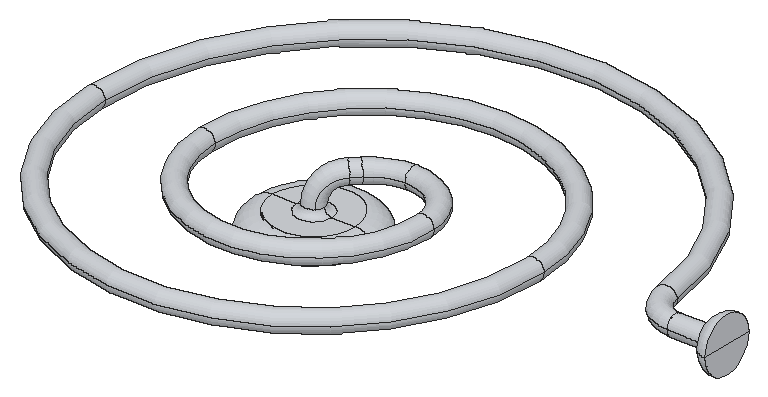
Revit family
Parameters
  Material = none
  Manufacturer = "Revit"
  Description = "Shower"
  Assembly Code = ""
Reference planes
  plane 1 "Center (Front/Back)": y = 0
  plane 2: z = 0
  plane 3 "Center (Left/Right)": x = 0
  plane 4: y = 80
  plane 5 "2": through (-56.569, 56.569, 0) normal (-0.7071, 0.7071, 0)
  plane 6: through (0, 0, 0) normal (0.7071, 0.7071, 0)
  plane 7: through (-38.34, -38.34, 0) normal (-0.7071, -0.7071, 0)
  plane 8: y = 18.229
  plane 9: x = 573.506
Forms (mm)
  Sweep 1, solid, material <- "Material"
    path origin (0, 0, 0) x (1, 0, 0) y (0, 1, 0)
      loop
        line (497.214, 0) -> (447.214, 0)
        arc (447.214, 0) -> (413.88, 12.732) -> (397.523, 44.444) r 50
        arc (397.523, 44.444) -> (-22.257, 399.38) -> (-400, 0) r 400
        arc (-400, 0) -> (-80, -320) -> (240, 0) r 320
        arc (240, 0) -> (0, 240) -> (-240, 0) r 240
        arc (-240, 0) -> (-80, -160) -> (80, 0) r 160
        arc (80, 0) -> (56.569, 56.569) -> (0, 80) r 80
        arc (0, 80) -> (-30.615, 73.91) -> (-56.569, 56.569) r 80
    profile origin (0, 0, 0) x (-0.993808, -0.111111, 0) y (0, 0, 1)
      loop
        circle (-400, 0) r 15
  Sweep 2, solid, material <- "Material"
    path origin (-56.569, 56.569, 0) x (-0.707107, -0.707107, 0) y (0, 0, 1)
      loop
        line (0, 0) -> (15, 0)
        arc (15, 0) -> (42.733, -11.488) -> (54.221, -39.221) r 39.221
    profile origin (-5.303, -5.303, 0) x (0, 0, 1) y (-0.707107, 0.707107, 0)
      loop
        circle (0, 80) r 15
  Revolve 3, solid, material <- "Material"
    sketch origin (0, 18.229, 0) x (1, 0, 0) y (0, 0, 1)
      loop
        line (-94.908, -39.221) -> (-109.931, -39.221)
        arc (-109.931, -39.221) -> (-113.266, -46.266) -> (-120.515, -49.129) r 10.607
        line (-120.515, -49.129) -> (-155.503, -49.129)
        arc (-155.503, -49.129) -> (-174.485, -54.759) -> (-187.33, -69.827) r 34.819
        line (-187.33, -69.827) -> (-94.908, -69.827) -> (-94.908, -39.221)
      axis (-94.908, -39.221) -> (-94.908, -69.827)
    angle from 0 to 360
  Revolve 4, solid, material <- "Material"
    sketch origin (0, 0, 0) x (1, 0, 0) y (0, 1, 0)
      loop
        line (497.214, 0) -> (521.619, 0) -> (521.619, 39.406)
        arc (521.619, 39.406) -> (504.362, 32.258) -> (497.214, 15) r 24.406
        line (497.214, 15) -> (497.214, 0)
      axis (497.214, 0) -> (521.619, 0)
    angle from 0 to 360
Dimensions and locks
  aligned and locked: Sweep 2 sketch curve to Sweep 1  (x2)
